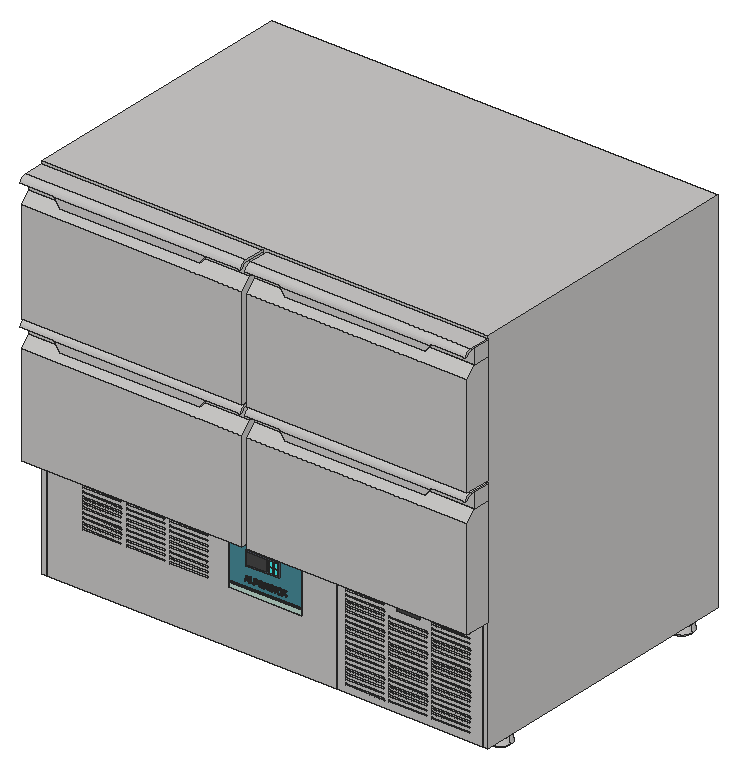
Revit family "QF_ALPENINOX_729619_ASAL25N04", category Attrezzature speciali, Revit 2021 (continued)
Definition of nested family "HORIZREF_APX_DISPLAY"
  Forms (mm)
    Extrusion 8, solid
      sketch origin (0, 0, 0) x (1, 0, 0) y (0, 1, 0)
        loop
          arc (27.383, -20.858) -> (27.641, -22.549) -> (28.591, -23.972) r 3.945
          arc (28.591, -23.972) -> (29.485, -24.494) -> (30.509, -24.645) r 2.729
          arc (30.509, -24.645) -> (31.533, -24.494) -> (32.427, -23.972) r 2.729
          arc (32.427, -23.972) -> (33.377, -22.549) -> (33.635, -20.858) r 3.945
          arc (33.635, -20.858) -> (33.377, -19.166) -> (32.427, -17.743) r 3.945
          arc (32.427, -17.743) -> (31.533, -17.221) -> (30.509, -17.07) r 2.729
          arc (30.509, -17.07) -> (29.485, -17.221) -> (28.591, -17.743) r 2.729
          arc (28.591, -17.743) -> (27.641, -19.166) -> (27.383, -20.858) r 3.945
        loop
          line (36.898, -16.797) -> (39.607, -20.445) -> (36.295, -24.851)
          arc (36.295, -24.851) -> (36.562, -26.614) -> (38.319, -26.311) r 1.248
          line (38.319, -26.311) -> (41.06, -22.531) -> (43.802, -26.311)
          arc (43.802, -26.311) -> (45.558, -26.614) -> (45.826, -24.851) r 1.248
          line (45.826, -24.851) -> (42.513, -20.445) -> (45.223, -16.797)
          arc (45.223, -16.797) -> (44.892, -15.009) -> (43.133, -15.471) r 1.241
          line (43.133, -15.471) -> (41.06, -18.387) -> (38.987, -15.471)
          arc (38.987, -15.471) -> (37.229, -15.009) -> (36.898, -16.797) r 1.241
      from 0 to 2
  Cuts and joins
    Extrusion 6 cuts Extrusion 2
  Dimensions and locks
    aligned and locked: plane 2 to Extrusion 1
    aligned and locked: level to Extrusion 1
Definition of nested family "HORIZREF_FEET20"
  Parameters
    Default Elevation = 0 mm
    FEET = 20 mm
  Reference planes
    plane 1 "Center (Front/Back)": y = 0
    plane 2: z = 0
    plane 3 "Center (Left/Right)": x = 0
    plane 4: z = 20
  Forms (mm)
    Revolve 1, solid
      sketch origin (255.05, 0, 608.09) x (0, 0, 1) y (-1, 0, 0)
        loop
          line (-608.09, 255.05) -> (-608.09, 233.546) -> (-605.676, 231.132) -> (-594.09, 235.349) -> (-594.09, 255.05) -> (-608.09, 255.05)
        axis (-608.09, 255.05) -> (-594.09, 255.05)
      angle from 0 to 360
    Revolve 2, solid
      sketch origin (255.05, 0, 608.09) x (0, 0, 1) y (-1, 0, 0)
        loop
          line (-594.09, 255.05) -> (-594.09, 245.05) -> (-588.09, 245.05) -> (-588.09, 255.05) -> (-594.09, 255.05)
        axis (-594.09, 255.05) -> (-588.09, 255.05)
      angle from 0 to 360
  Dimensions and locks
    "FEET": plane 4 to plane 2
    aligned and locked: level to plane 2
  Automatic sketch dimensions
    Revolve 1 sketch curve to level = 0 mm
    Revolve 1 sketch curve to plane 3 "Center (Left/Right)" = 0 mm  (x2)
    level to Revolve 1 sketch curve = 2.414 mm
    Revolve 1 sketch curve to plane 4 = 6 mm
    plane 3 "Center (Left/Right)" to Revolve 1 sketch curve = 19.701 mm
    Revolve 1 sketch curve to Revolve 1 sketch curve = 1.803 mm
    Revolve 1 sketch curve to Revolve 1 sketch curve = 2.414 mm
    plane 4 to Revolve 1 sketch curve = 50 mm
    Revolve 1 sketch curve to Revolve 1 sketch curve = 20 mm
    Revolve 2 sketch curve to plane 3 "Center (Left/Right)" = 0 mm  (x2)
    Revolve 2 sketch curve to plane 4 = 0 mm
    Revolve 2 sketch curve to plane 4 = 6 mm
    plane 3 "Center (Left/Right)" to Revolve 2 sketch curve = 10 mm
    Revolve 2 sketch curve to Revolve 2 sketch curve = 50 mm
    Revolve 2 sketch curve to Revolve 2 sketch curve = 20 mm
Definition of nested family "Refrigerator"
  Reference planes
    plane 1 "Center (Front/Back)": y = 0
    plane 2: z = 0
    plane 3 "Center (Left/Right)": x = 0
  Lines and regions (mm)
    detail lines, in view "Ref. Level"
      curve 1: spline (-500, 190, 0) -> (-493.185, 166.706, 0) -> (-473.205, 145, 0) -> (-441.421, 126.36, 0) -> (-400, 112.058, 0) -> (-351.764, 103.067, 0) -> (-300, 100, 0) -> (-248.236, 103.067, 0) -> (-200, 112.058, 0) -> (-158.579, 126.36, 0) -> (-126.795, 145, 0) -> (-106.815, 166.706, 0) -> (-100, 190, 0) -> (-106.815, 213.294, 0) -> (-126.795, 235, 0) -> (-158.579, 253.64, 0) -> (-200, 267.942, 0) -> (-248.236, 276.933, 0) -> (-300, 280, 0) -> (-351.764, 276.933, 0) -> (-400, 267.942, 0) -> (-441.421, 253.64, 0) -> (-473.205, 235, 0) -> (-493.185, 213.294, 0) -> (-500, 190, 0)
      curve 2: line (-300, 130, 0) -> (-300, 250, 0)
      curve 3: line (-351.962, 220, 0) -> (-248.038, 160, 0)
      curve 4: line (-351.962, 160, 0) -> (-248.038, 220, 0)
      curve 5: line (-280.884, 246.873, 0) -> (-300, 225, 0)
      curve 6: line (-300, 225, 0) -> (-319.116, 246.873, 0)
      curve 7: line (-330.311, 207.5, 0) -> (-339.696, 234.992, 0)
      curve 8: line (-358.812, 201.882, 0) -> (-330.311, 207.5, 0)
      curve 9: line (-330.311, 172.5, 0) -> (-358.812, 178.118, 0)
      curve 10: line (-339.696, 145.008, 0) -> (-330.311, 172.5, 0)
      curve 11: line (-300, 155, 0) -> (-319.116, 133.127, 0)
      curve 12: line (-280.884, 133.127, 0) -> (-300, 155, 0)
      curve 13: line (-269.689, 172.5, 0) -> (-260.304, 145.008, 0)
      curve 14: line (-241.188, 178.118, 0) -> (-269.689, 172.5, 0)
      curve 15: line (-269.689, 207.5, 0) -> (-241.188, 201.882, 0)
      curve 16: line (-260.304, 234.992, 0) -> (-269.689, 207.5, 0)
